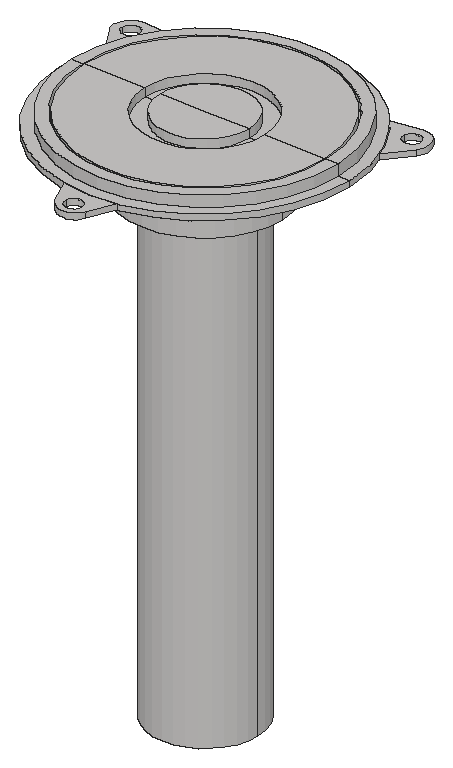
Revit family "Drain_Floor_Round_Shallow-Zurn-ZPD1-LR", category Plumbing Fixtures, Revit 2022
Family settings
  Round Connector Dimension = Use Radius
  Part Type = Normal
  OmniClass Number = 23.70.50.21.24.14
  OmniClass Title = Deck Waste Water Drains
  Work Plane-Based = No
  Always vertical = Yes
  Cut with Voids When Loaded = No
  Maintain Annotation Orientation = No
  Shared = No
  Room Calculation Point = No
Parameters (values of type "ZPD1-LR with 6 Inch Strainer and 2 Inch No-Hub Outlet")
  Waste Connection = 1 = 1  # yes
  WFU = 1  # constant formula
  Vent Connection = 1 = 0  # no
  URL = "www.zurn.com"
  Type Comments = ""
  Strainer Radius = [Strainer Diameter (B)] / 2  # 3.000"
  Strainer Open Area = 1.900 in²  # constant formula
  Strainer Material = Steel - Zurn - Stainless - Type - 304
  Strainer Diameter (B) = 6.000"
  Product data url = "https://bimobject.com/zurnindustries/product/ZPD1-LR"
  Product Page URL = "https://www.zurn.com/products/drainage-interceptors/floor-drains/ligature-resistant-drains/zpd1-lr"
  Product Installation Sheet URL = "https://files.zurn.com/care-cleaning-install-warranty-sheets/fd133.pdf"
  Product Documentation Link = "https://files.zurn.com/spec-sheets/zpd1.pdf"
  Pipe Size 'A' (Outer Radius) = [Pipe Size 'A' (Outer Diameter)] / 2  # 1.1875"
  Pipe Size 'A' (Outer Diameter) = 2.375"
  Pipe Size 'A' (Nominal Radius) = [Pipe Size 'A' (Nominal Diameter)] / 2  # 1.000"
  Pipe Size 'A' (Nominal Diameter) = 2.000"
  Pipe Size 'A' (Inner Radius) = [Pipe Size 'A' (Inner Diameter)] / 2  # 1.0335"
  Pipe Size 'A' (Inner Diameter) = 2.067"
  Modified Date = "02/19/2026"  # constant formula
  Model = "ZPD1-LR"
  Material Main = Steel - Zurn - Stainless - Type - 304
  Manufacurer Brand = "Zurn"  # constant formula
  Manufacturer = "Zurn Water, LLC"  # constant formula
  HWFU = 0  # constant formula
  HW Connection = 1 = 0  # no
  Grate Radius = ([Strainer Diameter (B)] - 0.600") / 2  # 2.700"
  Description = "ZURN POD PRO SHALLOW FLOOR DRAIN WITH “TYPE LR” LIGATURE RESISTANT STRAINER"  # constant formula
  Default Elevation = 20.000"
  Date Created = "02/19/2026"  # constant formula
  CWFU = 0  # constant formula
  CW Connection = 1 = 0  # no
  Body Height (E) = 12.156"
  Assembly Code = "D2030300"
  Approx. Wt. Lbs. = 6.90 lbf
Types (4): name | Strainer Radius | Strainer Diameter (B) | Pipe Size 'A' (Outer Radius) | Pipe Size 'A' (Outer Diameter) | Pipe Size 'A' (Nominal Radius) | Pipe Size 'A' (Nominal Diameter) | Pipe Size 'A' (Inner Radius) | Pipe Size 'A' (Inner Diameter) | Grate Radius | Approx. Wt. Lbs.
  ZPD1-LR with 6 Inch Strainer and 3 Inch No-Hub Outlet | 3.000" | 6.000" | 1.750" | 3.500" | 1.500" | 3.000" | 1.534" | 3.068" | 2.700" | 6.90 lbf
  ZPD1-LR with 5 Inch Strainer and 2 Inch No-Hub Outlet | 2.500" | 5.000" | 1.1875" | 2.375" | 1.000" | 2.000" | 1.0335" | 2.067" | 2.200" | 5.30 lbf
  ZPD1-LR with 5 Inch Strainer and 3 Inch No-Hub Outlet | 2.500" | 5.000" | 1.750" | 3.500" | 1.500" | 3.000" | 1.534" | 3.068" | 2.200" | 5.30 lbf
  ZPD1-LR with 6 Inch Strainer and 2 Inch No-Hub Outlet | 3.000" | 6.000" | 1.1875" | 2.375" | 1.000" | 2.000" | 1.0335" | 2.067" | 2.700" | 6.90 lbf
Reference planes (in)
  plane 1 "Center (Front/Back)": y = 0
  plane 2: z = 0
  plane 3 "Center (Left/Right)": x = 0
  plane 4: z = -12.156
  plane 5: x = 3
  plane 6: x = -3
  plane 7: y = -3
  plane 8: y = 3
  plane 9: x = 1
  plane 10: x = -1
  plane 11: y = -1
  plane 12: y = 1
  plane 13: z = -0.375
  plane 14: z = -0.875
  plane 15: through (0, 0, 47.24409) normal (-0.5, 0.866, 0)
  plane 16: through (0, 0, 47.24409) normal (-0.5, -0.866, 0)
  plane 17: through (0, 0, 47.24409) normal (0.866, 0.5, 0)
  plane 18: through (2.59808, 1.5, 47.24409) normal (0.866, 0.5, 0)
  plane 19: through (0, 0, 47.24409) normal (-0.866, 0.5, 0)
  plane 20: through (-2.59808, 1.5, 47.24409) normal (-0.866, 0.5, 0)
Forms (in)
  Revolve 1, solid, material "Steel - Zurn - Stainless - Type - 304" <- "Material Main", detail levels fine
    sketch origin (0, 0, 0) x (1, 0, 0) y (0, 0, 1)
      loop
        line (-1.1875, -12.156) -> (-1.0335, -12.156) -> (-1.0335, -1.5625) -> (-1.1875, -1.5625) -> (-1.1875, -12.156)
      axis (0, -1.5625) -> (0, -12.156)
    angle from 0 to 360
  Revolve 2, solid, material "Steel - Zurn - Stainless - Type - 304" <- "Material Main", detail levels fine
    sketch origin (0, 0, 0) x (1, 0, 0) y (0, 0, 1)
      loop
        line (-3, 0) -> (-3, -0.25) -> (-3.25, -0.25) -> (-3.25, -0.375) -> (-2.75, -0.375) -> (-2.75, -0.65625) -> (-1.75, -0.65625) -> (-1.75, -1.5625) -> (-1.0335, -1.5625) -> (-1.0335, -1.5) -> (-1.625, -1.5) -> (-1.625, -0.375) -> (-2.61167, -0.375) -> (-2.61167, -0.25) -> (-2.75, -0.25) -> (-2.75, 0) -> (-3, 0)
      axis (0, 0) -> (0, -1.5625)
    angle from 0 to 360
  Extrusion 3, solid, material "Steel - Zurn - Stainless - Type - 304" <- "Material Main", detail levels fine
    sketch origin (0, 0, 0) x (1, 0, 0) y (0, 1, 0)
      loop
        arc (-0.34587, -3.7699) -> (0, -4) -> (0.34587, -3.7699) r 0.375
        line (0.34587, -3.7699) -> (0.586, -3.19673)
        arc (0.586, -3.19673) -> (0, -3.25) -> (-0.586, -3.19673) r 3.25
        line (-0.586, -3.19673) -> (-0.34587, -3.7699)
      loop
        circle (0, -3.67739) r 0.1925
      loop
        arc (3.48198, 1.61094) -> (3.50832, 2.02553) -> (3.13611, 2.21001) r 0.375
        line (3.13611, 2.21001) -> (2.46009, 2.12378)
        arc (2.46009, 2.12378) -> (2.81458, 1.625) -> (3.0693, 1.06861) r 3.25
        line (3.0693, 1.06861) -> (3.48198, 1.61094)
      loop
        circle (3.18356, 1.83803) r 0.1925
      loop
        line (-3.40757, 1.57988) -> (-3.0693, 1.06861)
        arc (-3.0693, 1.06861) -> (-2.81458, 1.625) -> (-2.46009, 2.12378) r 3.25
        line (-2.46009, 2.12378) -> (-3.072, 2.16111)
        arc (-3.072, 2.16111) -> (-3.41959, 1.9743) -> (-3.40757, 1.57988) r 0.375
      loop
        circle (-3.09483, 1.7868) r 0.1925
    from -0.375 to -0.25
Lines and regions (in)
  Masking region 1
    outline origin (0, 0, 0) x (1, 0, 0) y (0, 1, 0)
      loop
        circle (0, 0) r 3.25
  Masking region 2
    outline origin (0, 0, 0) x (1, 0, 0) y (0, 1, 0)
      loop
        line (-2.46009, 2.12378) -> (-3.072, 2.16111)
        arc (-3.072, 2.16111) -> (-3.41959, 1.9743) -> (-3.40757, 1.57988) r 0.375
        line (-3.40757, 1.57988) -> (-3.0693, 1.06861)
        arc (-3.0693, 1.06861) -> (-2.81458, 1.625) -> (-2.46009, 2.12378) r 3.25
      loop
        line (3.13611, 2.21001) -> (2.46009, 2.12378)
        arc (2.46009, 2.12378) -> (2.81458, 1.625) -> (3.0693, 1.06861) r 3.25
        line (3.0693, 1.06861) -> (3.48198, 1.61094)
        arc (3.48198, 1.61094) -> (3.50832, 2.02553) -> (3.13611, 2.21001) r 0.375
      loop
        line (-0.586, -3.19673) -> (-0.34587, -3.7699)
        arc (-0.34587, -3.7699) -> (0, -4) -> (0.34587, -3.7699) r 0.375
        line (0.34587, -3.7699) -> (0.586, -3.19673)
        arc (0.586, -3.19673) -> (0, -3.25) -> (-0.586, -3.19673) r 3.25
  model lines, style "GenericModel", detail levels coarse+medium
    curve 1: line (0, 0, 0) -> (0, 0, -12.156)
    curve 2: line (0, 1, -12.156) -> (0, -1, -12.156)
    curve 3: line (-1, 0, -12.156) -> (1, 0, -12.156)
    curve 4: circle (0, 0, 0) r 3.25 normal (0, 0, 1)
    curve 5: circle (0, 0, 0) r 2.75 normal (0, 0, 1)
    curve 6: circle (0, 0, 0) r 1.35 normal (0, 0, 1)
    curve 7: circle (0, 0, 0) r 1 normal (0, 0, 1)
    curve 8: circle (0, 0, 0) r 2.7 normal (0, 0, 1)
Dimensions and locks (in)
  equal spacing: plane 6, plane 3 "Center (Left/Right)", plane 5
  "Strainer Diameter (B)": plane 6 to plane 5
  equal spacing: plane 7, plane 1 "Center (Front/Back)", plane 8
  "Strainer Diameter (B)": plane 7 to plane 8
  "Pipe Size 'A' (Nominal Radius)": plane 10 to plane 3 "Center (Left/Right)" to plane 9
  "Pipe Size 'A' (Nominal Radius)": plane 11 to plane 1 "Center (Front/Back)" to plane 12
  "Body Height (E)": level to plane 4
  "Pipe Size 'A' (Inner Radius)": plane 3 "Center (Left/Right)" to Revolve 1 sketch curve
  "Pipe Size 'A' (Outer Radius)": plane 3 "Center (Left/Right)" to Revolve 1 sketch curve
  locked: level to Revolve 1 sketch curve at 1.5625
  locked: level to plane 13 at 0.375
  locked: plane 13 to plane 14 at 0.5
  locked: Revolve 2 sketch curve to Revolve 2 sketch curve at 0.125
  locked: plane 3 "Center (Left/Right)" to Revolve 2 sketch curve at 1.75
  "Pipe Size 'A' (Inner Radius)": plane 3 "Center (Left/Right)" to Revolve 2 sketch curve
  locked: level to Revolve 2 sketch curve at 1.5
  locked: Revolve 2 sketch curve to plane 13 at 0.125
  locked: plane 2 to Revolve 2 sketch curve at 0.65625
  Extrusion 3 sketch curve to Extrusion 3 sketch curve to plane 7 = 0.32261" locked, 0.67739" locked
  locked: Extrusion 3 sketch curve to plane 3 "Center (Left/Right)" at 0.1925
  equal spacing: Extrusion 3 sketch curve, plane 15, Extrusion 3 sketch curve
  locked: Extrusion 3 sketch curve to Extrusion 3 sketch curve at 1.21841  (x2)
  equal spacing: Extrusion 3 sketch curve, plane 3 "Center (Left/Right)", Extrusion 3 sketch curve
  locked: Extrusion 3 sketch curve to Extrusion 3 sketch curve at 1.172
  equal spacing: Extrusion 3 sketch curve, plane 16, Extrusion 3 sketch curve
  "Strainer Radius": plane 18 to plane 17
  "Strainer Radius": plane 20 to plane 19
  Extrusion 3 sketch curve to Extrusion 3 sketch curve to Extrusion 3 sketch curve to plane 20 = 0.1825" locked, 0.1925" locked, 0.5736" locked
  Extrusion 3 sketch curve to Extrusion 3 sketch curve to Extrusion 3 sketch curve to plane 18 = 0.1825" locked, 0.1925" locked, 0.67605" locked
  locked: plane 6 to Revolve 2 sketch curve at 0.25
  locked: Revolve 2 sketch curve to plane 6 at 0.25
  locked: Revolve 2 sketch curve to Revolve 2 sketch curve at 0.13833
  radius of Extrusion 3 sketch curve = 0.375"
  radius of Extrusion 3 sketch curve = 0.1925"
  locked: plane 19 to plane 16 (angle 90.00°)
  aligned and locked: level to plane 2
  aligned and locked: Revolve 1 sketch curve to plane 3 "Center (Left/Right)"
  aligned and locked: plane 4 to Revolve 1 sketch curve
  aligned and locked: nested 1 to level
  aligned and locked: nested 1 to plane 3 "Center (Left/Right)"
  aligned and locked: nested 1 to plane 1 "Center (Front/Back)"
  aligned and locked: plane 6 to Revolve 2 sketch curve
  aligned and locked: Revolve 2 sketch curve to plane 13  (x2)
  aligned and locked: Revolve 2 sketch curve to Revolve 1
  aligned and locked: Revolve 2 sketch curve to plane 3 "Center (Left/Right)"
  aligned and locked: plane 3 "Center (Left/Right)" to Extrusion 3 sketch curve
  aligned and locked: Extrusion 3 to Revolve 2  (x2)
  aligned and locked: Extrusion 3 sketch curve to Revolve 2  (x3)
  aligned and locked: plane 15 to Extrusion 3 sketch curve  (x2)
  aligned and locked: level to curve 1
  aligned and locked: plane 4 to curve 1
  aligned and locked: curve 1 to plane 3 "Center (Left/Right)"
  aligned and locked: plane 12 to curve 2
  aligned and locked: plane 11 to curve 2
  aligned and locked: curve 2 to plane 3 "Center (Left/Right)"
  aligned and locked: plane 10 to curve 3
  aligned and locked: plane 9 to curve 3
  aligned and locked: plane 1 "Center (Front/Back)" to curve 3
  aligned and locked: curve 4 to Revolve 2
  aligned and locked: curve 5 to Revolve 2
  aligned and locked: curve 6 to nested 1
  aligned and locked: curve 7 to nested 1
  aligned and locked: curve 8 to nested 1
  aligned and locked: Revolve 2 sketch curve to Revolve 2 sketch curve
  aligned and locked: Masking region 2 sketch curve to Extrusion 3  (x9)
  aligned and locked: Masking region 1 sketch curve to Revolve 2  (x2)
  aligned and locked: Masking region 2 sketch curve to curve 4  (x3)
Automatic sketch dimensions
  Extrusion 3 sketch curve to plane 16 = 0.000"  (x2)
  Extrusion 3 sketch curve to Extrusion 3 sketch curve = 0.000"  (x2)
  Revolve 1 sketch curve to plane 4 = 1.500"
  level to Revolve 1 sketch curve = 0.624"
  Revolve 2 sketch curve to level = 0.000"
  plane 13 to Revolve 2 sketch curve = 0.125"
  Revolve 2 sketch curve to plane 4 = 2.25496"
  level to Revolve 2 sketch curve = 87.17776"
  plane 1 "Center (Front/Back)" to Masking region 1 sketch curve = 0.000"  (x2)
  Masking region 2 sketch curve to Masking region 2 sketch curve = 0.000"  (x3)
Nested families (in)
  nested 1: "Grate_ZPD1-LR" at (0, 0, 0) x (-1, 0, 0) z (0, 0, 1), Strainer Material <- "Strainer Material", Strainer Diameter (B) <- "Strainer Diameter (B)", type "ZPD1-LR", detail levels fine
    with Strainer Radius (B) 2.700", Strainer Material Steel - Zurn - Stainless - Type - 304, Strainer Diameter (B) 6.000"
Connectors (in)
  piping at (0, 0, -12.156), diameter 2, driven by "Pipe Size 'A' (Nominal Radius)", driven by "Waste Connection"
    settings: on Revolve 1, index 1, connector inside diameter 24", connector length 0.000", flow factor 0, pipe flow 0.0 L/s, pressure drop 0.0 Pa, fitting loss kfactor 0, connector angle 0.00°, fixture units 0, engagement length 0.000", angle of deflection 0.00°, flow configuration 0, flow direction 2, fitting loss method 0, system type 16, joint type 0, gender type 0, connector reference index -1, connector utility 1, adjustable connector no, is connector primary yes, connector description "Sanitary Outlet"
Definition of nested family "Grate_ZPD1-LR"
  Parameters (values of type "ZPD1-LR")
    Waste Connection = 1 = 1  # yes
    WFU = 1  # constant formula
    Vent Connection = 1 = 0  # no
    URL = "www.zurn.com"
    Strainer Radius (B) [instance] = ([Strainer Diameter (B)] - 0.600") / 2  # 2.200"
    Strainer Material [instance] = none
    Strainer Diameter (B) [instance] = 5.000"
    Product data url = ""
    Product Page URL = ""
    Product Installation Sheet URL = ""
    Product Documentation Link = ""
    Pipe Size_A Outer Diameter = 0.000"
    Pipe Size_A Nominal Diameter = 0.000"
    Pipe Size_A Inside Diameter = 0.000"
    Modified Date = ""
    Manufacurer Brand = "Zurn"  # constant formula
    Manufacturer = "Zurn Water, LLC"  # constant formula
    HWFU = 0  # constant formula
    HW Connection = 1 = 0  # no
    Grate Open Area = 0.000"
    Default Elevation = 20.000"  # constant formula
    Date Created = ""
    Connector Radius = Pipe Size_A Nominal Diameter / 2  # 0.000"
    CWFU = 0  # constant formula
    CW Connection = 1 = 0  # no
    Body Height_E = 0.000"
    Assembly Code = ""
    Approx. Weight (Lbs) = 0.000"
  Reference planes (in)
    plane 1 "Center (Front/Back)": y = 0
    plane 2: z = 0
    plane 3 "Center (Left/Right)": x = 0
    plane 4: z = -0.188
  Forms (in)
    Revolve 1, solid, material <- "Strainer Material"
      sketch origin (0, 0, 0) x (1, 0, 0) y (0, 0, 1)
        loop
          line (0, 0) -> (-1, 0) -> (-1, -0.188) -> (-1.35, -0.188) -> (-1.35, 0) -> (-2.2, 0) -> (-2.2, -0.188) -> (-1.525, -0.188) -> (-1.525, -0.52293) -> (-0.9, -0.52293) -> (-0.9, -0.72952)
          arc (-0.9, -0.72952) -> (-0.96206, -0.87934) -> (-1.11188, -0.9414) r 0.21188
          arc (-1.11188, -0.9414) -> (-1.16188, -0.9914) -> (-1.11188, -1.0414) r 0.05
          arc (-1.11188, -1.0414) -> (-0.89135, -0.95005) -> (-0.8, -0.72952) r 0.31188
          line (-0.8, -0.72952) -> (-0.8, -0.188) -> (0, -0.188) -> (0, 0)
        axis (0, 0) -> (0, -1.0414)
      angle from 0 to 360
  Dimensions and locks (in)
    locked: level to plane 4 at 0.188
    "Strainer Radius (B)": plane 3 "Center (Left/Right)" to Revolve 1 sketch curve
    locked: plane 4 to Revolve 1 sketch curve at 0.33493
    locked: plane 3 "Center (Left/Right)" to Revolve 1 sketch curve at 1
    locked: Revolve 1 sketch curve to Revolve 1 sketch curve at 0.35
    locked: Revolve 1 sketch curve to Revolve 1 sketch curve at 0.51847
    locked: plane 3 "Center (Left/Right)" to Revolve 1 sketch curve at 0.8
    locked: Revolve 1 sketch curve to Revolve 1 sketch curve at 0.1
    locked: Revolve 1 sketch curve to Revolve 1 sketch curve at 0.175
    locked: Revolve 1 sketch curve to Revolve 1 sketch curve at 0.21188
    locked: Revolve 1 sketch curve to Revolve 1 sketch curve at 0.20659
    locked: Revolve 1 sketch curve to Revolve 1 sketch curve at 0.31188
    locked: plane 4 to Revolve 1 sketch curve at 0.54152
    aligned and locked: plane 2 to level
    aligned and locked: Revolve 1 sketch curve to plane 3 "Center (Left/Right)"  (x2)
    aligned and locked: level to Revolve 1 sketch curve
    aligned and locked: Revolve 1 sketch curve to level
    aligned and locked: plane 4 to Revolve 1 sketch curve  (x3)
  Automatic sketch dimensions
    Revolve 1 sketch curve to Revolve 1 sketch curve = 0.050"
    Revolve 1 sketch curve to Revolve 1 sketch curve = 0.20659"
    Revolve 1 sketch curve to Revolve 1 sketch curve = 0.000"
    Revolve 1 sketch curve to Revolve 1 sketch curve = 22.9586"
    level to Revolve 1 sketch curve = 102.71882"
